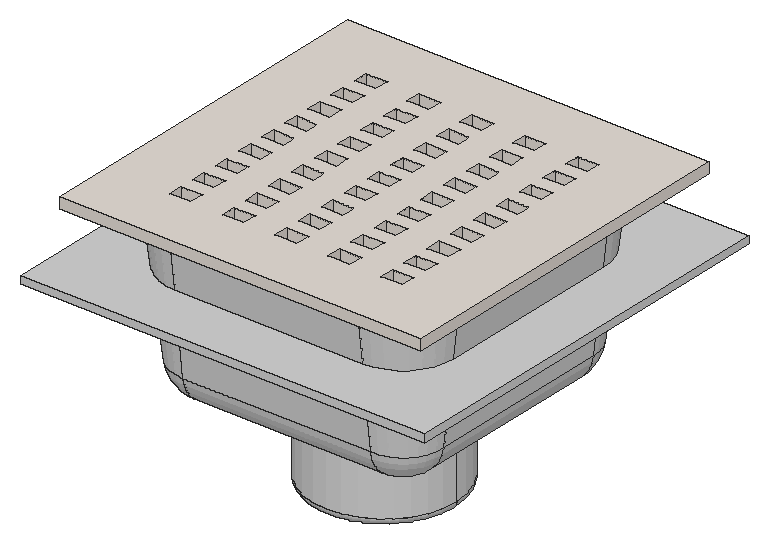
Revit family "Drain_Waste-JayR.Smith-Sani-Ceptor-3140-3161_Series", category Plumbing Fixtures, Revit 2018
Family settings
  Round Connector Dimension = Use Diameter
  Part Type = Normal
  OmniClass Number = 23.45.55.21
  OmniClass Title = Drains (Wastes)
  Work Plane-Based = Yes
  Always vertical = No
  Cut with Voids When Loaded = No
  Shared = Yes
  Room Calculation Point = No
Parameters (values of type "3140C02")
  Width = 14"
  Waste Connection = yes
  Vent Connection = no
  Vandal Proof Screws -U = no
  URL = "https://www.jrsmith.com/home"
  Product Page URL = "https://www.jrsmith.com/product.aspx?ProductId=224"
  Product Documentation Link = "https://www.jrsmith.com/uploads/fileLibrary/d3140.pdf"
  Price = "Prices may vary. Please consult Manufacturer Representative for most up-to-date price list."  # constant formula
  Polished Aluminum Dome Bottom Strainer -PDBS = no
  Model = "3140C02"
  Material = "Metal-Jay R. Smith-Cast Iron"
  Manufacturer = "Jay R. Smith"
  Less Flange (Fig. 3155, 3156 with caulk outlet only) = no
  LXH Speedi-Set Extra Heavy 02(50), 03(75) & 04"(100) sizes only = no
  L Speedi-Set Service Weight 02(50), 03(75) & 04"(100) sizes only = no
  HW Connection = no
  Grate Material = Metal-Jay R. Smith-Nickel Bronze
  Flashing Clamp -C = no
  Description = "Sani-Ceptor® Sanitary Acid Resistant Coated Sanitary Floor and Indirect Waste Drains with Medium Receptor, Deep and Extra Deep Receptor and Square Nickel Bronze Top"  # constant formula
  Depth = 6"
  Default Elevation = 0"
  DBS - Dome Bottom Strainer = not([B - Sediment Bucket])  # yes
  Creation Date = "06/28/2021"  # constant formula
  Connection Type = "Caulk Outlet Connection"
  Connection Description = "2\" Waste Outlet Connection"
  CW Connection = no
  Body Material = Metal-Jay R. Smith-Cast Iron
  B - Sediment Bucket = no
  Assembly Code = "D2030300"
  Aluminum Flat Bottom Strainer -FBS = no
  All Galvanized Receptor -G = no
  All Duco Cast Iron Receptor -CI = no
  A (Pipe Size) = 2"
Types (13): name | Model | Depth | DBS - Dome Bottom Strainer | Connection Type | Connection Description | B - Sediment Bucket | A (Pipe Size)
  (no name) | "3140C02" | 6" | yes | "Caulk Outlet Connection" | "2\" Waste Outlet Connection" | no | 2"
  3140C02 | "3140C02" | 6" | yes | "Caulk Outlet Connection" | "2\" Waste Outlet Connection" | no | 2"
  3150C03 | "3150C03" | 8" | yes | "Caulk Outlet Connection" | "3\" Waste Outlet Connection" | no | 3"
  3160C04 | "3160C04" | 10" | yes | "Caulk Outlet Connection" | "4\" Waste Outlet Connection" | no | 4"
  3140Y02 | "3140Y02" | 6" | yes | "No-Hub Outlet Connection" | "2\" Waste Outlet Connection" | no | 2"
  3150Y03 | "3150Y03" | 8" | yes | "No-Hub Outlet Connection" | "3\" Waste Outlet Connection" | no | 3"
  3160Y04 | "3160Y04" | 10" | yes | "No-Hub Outlet Connection" | "4\" Waste Outlet Connection" | no | 4"
  3141C02 | "3141C02" | 6" | no | "Caulk Outlet Connection" | "2\" Waste Outlet Connection" | yes | 2"
  3141Y02 | "3141Y02" | 6" | no | "No-Hub Outlet Connection" | "2\" Waste Outlet Connection" | yes | 2"
  3151C03 | "3151C03" | 8" | no | "Caulk Outlet Connection" | "3\" Waste Outlet Connection" | yes | 3"
  3151Y03 | "3151Y03" | 8" | no | "No-Hub Outlet Connection" | "3\" Waste Outlet Connection" | yes | 3"
  3161C04 | "3161C04" | 10" | no | "Caulk Outlet Connection" | "4\" Waste Outlet Connection" | yes | 4"
  3161Y04 | "3161Y04" | 10" | no | "No-Hub Outlet Connection" | "4\" Waste Outlet Connection" | yes | 4"
Reference planes (in)
  plane 1 "Center (Front/Back)": y = 0
  plane 2: z = 0
  plane 3 "Center (Left/Right)": x = 0
  plane 4: x = -7
  plane 5: x = 7
  plane 6: x = -6.25
  plane 7: x = 6.25
  plane 8: z = 0.375
  plane 9: z = -2
  plane 10: z = -6
  plane 11: z = -9
  plane 12: y = -7
  plane 13: y = 7
  plane 14: y = -6.25
  plane 15: y = 6.25
  plane 16: x = -5.25
  plane 17: x = 5.25
  plane 18: y = 5.25
  plane 19: y = -5.25
  plane 20: x = -2.99151
  plane 21: z = -5.75
  plane 22: z = -2.25
  plane 23: x = -1
  plane 24: x = 1
Forms (in)
  Sweep 1, solid, material "Metal-Jay R. Smith-Cast Iron" <- "Body Material"
    path origin (0, 0, 0) x (1, 0, 0) y (0, 1, 0)
      loop
        arc (-5.25, -3.25) -> (-4.66421, -4.66421) -> (-3.25, -5.25) r 2
        line (-3.25, -5.25) -> (3.25, -5.25)
        arc (3.25, -5.25) -> (4.66421, -4.66421) -> (5.25, -3.25) r 2
        line (5.25, -3.25) -> (5.25, 3.25)
        arc (5.25, 3.25) -> (4.66421, 4.66421) -> (3.25, 5.25) r 2
        line (3.25, 5.25) -> (-3.25, 5.25)
        arc (-3.25, 5.25) -> (-4.66421, 4.66421) -> (-5.25, 3.25) r 2
        line (-5.25, 3.25) -> (-5.25, -3.25)
    profile origin (-5.25, 0, 0) x (-1, 0, 0) y (0, 0, 1)
      loop
        line (0, 0) -> (-0.25658, 0) -> (-0.86645, -4.96705)
        arc (-0.86645, -4.96705) -> (-1.21693, -5.53008) -> (-1.84261, -5.75) r 1
        line (-1.84261, -5.75) -> (-1.87822, -5.75) -> (-1.87822, -6) -> (-1.84261, -6)
        arc (-1.84261, -6) -> (-1.01434, -5.68619) -> (-0.60193, -4.90234) r 1.25
        line (-0.60193, -4.90234) -> (0, 0)
  Revolve 2, solid, material "Metal-Jay R. Smith-Cast Iron" <- "Body Material"
    sketch origin (0, 0, 0) x (1, 0, 0) y (0, 0, 1)
      loop
        line (-2.25292, -9) -> (-1, -9) -> (-1, -8.75) -> (-2.25292, -8.75) -> (-2.25292, -6) -> (-2.99151, -6)
        arc (-2.99151, -6) -> (-2.84841, -6.34548) -> (-2.50292, -6.48858) r 0.48858
        line (-2.50292, -6.48858) -> (-2.50292, -8.75)
        arc (-2.50292, -8.75) -> (-2.4297, -8.92678) -> (-2.25292, -9) r 0.25
      axis (0, -6) -> (0, -9)
    angle from 0 to 360
  Extrusion 3, solid, material "Metal-Jay R. Smith-Cast Iron" <- "Body Material"
    sketch origin (-11.17931, -180, -6) x (-1, 0, 0) y (0, -1, 0)
      loop
        arc (-7.92931, -183.37178) -> (-7.8432, -183.33611) -> (-7.80753, -183.25) r 0.12178
        line (-7.80753, -183.25) -> (-7.80753, -176.75)
        arc (-7.80753, -176.75) -> (-7.8432, -176.66389) -> (-7.92931, -176.62822) r 0.12178
        line (-7.92931, -176.62822) -> (-14.42931, -176.62822)
        arc (-14.42931, -176.62822) -> (-14.51542, -176.66389) -> (-14.55109, -176.75) r 0.12178
        line (-14.55109, -176.75) -> (-14.55109, -183.25)
        arc (-14.55109, -183.25) -> (-14.51542, -183.33611) -> (-14.42931, -183.37178) r 0.12178
        line (-14.42931, -183.37178) -> (-7.92931, -183.37178)
    from 0 to 0.25
  Extrusion 4, solid, material "Metal-Jay R. Smith-Cast Iron" <- "Body Material"
    sketch origin (-9.48, -180, -2.25) x (-1, 0, 0) y (0, -1, 0)
      loop
        line (-2.48, -187) -> (-2.48, -173) -> (-16.48, -173) -> (-16.48, -187) -> (-2.48, -187)
    from 0 to 0.25
  Extrusion 5, solid, material "Metal-Jay R. Smith-Nickel Bronze" <- "Grate Material"
    sketch origin (0, 0, 0) x (1, 0, 0) y (0, 1, 0)
      loop
        line (-6.25, 6.25) -> (-6.25, -6.25) -> (6.25, -6.25) -> (6.25, 6.25) -> (-6.25, 6.25)
      loop
        line (-4.03526, 4.25) -> (-4.03526, 3.75) -> (-3.28526, 3.75) -> (-3.28526, 4.25) -> (-4.03526, 4.25)
      loop
        line (-2.20513, 4.25) -> (-2.20513, 3.75) -> (-1.45513, 3.75) -> (-1.45513, 4.25) -> (-2.20513, 4.25)
      loop
        line (-0.375, 4.25) -> (-0.375, 3.75) -> (0.375, 3.75) -> (0.375, 4.25) -> (-0.375, 4.25)
      loop
        line (2.20513, 4.25) -> (1.45513, 4.25) -> (1.45513, 3.75) -> (2.20513, 3.75) -> (2.20513, 4.25)
      loop
        line (4.03526, 4.25) -> (3.28526, 4.25) -> (3.28526, 3.75) -> (4.03526, 3.75) -> (4.03526, 4.25)
      loop
        line (-4.03526, 3.25) -> (-4.03526, 2.75) -> (-3.28526, 2.75) -> (-3.28526, 3.25) -> (-4.03526, 3.25)
      loop
        line (-2.20513, 3.25) -> (-2.20513, 2.75) -> (-1.45513, 2.75) -> (-1.45513, 3.25) -> (-2.20513, 3.25)
      loop
        line (-0.375, 3.25) -> (-0.375, 2.75) -> (0.375, 2.75) -> (0.375, 3.25) -> (-0.375, 3.25)
      loop
        line (2.20513, 3.25) -> (1.45513, 3.25) -> (1.45513, 2.75) -> (2.20513, 2.75) -> (2.20513, 3.25)
      loop
        line (4.03526, 3.25) -> (3.28526, 3.25) -> (3.28526, 2.75) -> (4.03526, 2.75) -> (4.03526, 3.25)
      loop
        line (-4.03526, 2.25) -> (-4.03526, 1.75) -> (-3.28526, 1.75) -> (-3.28526, 2.25) -> (-4.03526, 2.25)
      loop
        line (-2.20513, 2.25) -> (-2.20513, 1.75) -> (-1.45513, 1.75) -> (-1.45513, 2.25) -> (-2.20513, 2.25)
      loop
        line (-0.375, 2.25) -> (-0.375, 1.75) -> (0.375, 1.75) -> (0.375, 2.25) -> (-0.375, 2.25)
      loop
        line (2.20513, 2.25) -> (1.45513, 2.25) -> (1.45513, 1.75) -> (2.20513, 1.75) -> (2.20513, 2.25)
      loop
        line (4.03526, 2.25) -> (3.28526, 2.25) -> (3.28526, 1.75) -> (4.03526, 1.75) -> (4.03526, 2.25)
      loop
        line (-4.03526, 1.25) -> (-4.03526, 0.75) -> (-3.28526, 0.75) -> (-3.28526, 1.25) -> (-4.03526, 1.25)
      loop
        line (-2.20513, 1.25) -> (-2.20513, 0.75) -> (-1.45513, 0.75) -> (-1.45513, 1.25) -> (-2.20513, 1.25)
      loop
        line (-0.375, 1.25) -> (-0.375, 0.75) -> (0.375, 0.75) -> (0.375, 1.25) -> (-0.375, 1.25)
      loop
        line (2.20513, 1.25) -> (1.45513, 1.25) -> (1.45513, 0.75) -> (2.20513, 0.75) -> (2.20513, 1.25)
      loop
        line (4.03526, 1.25) -> (3.28526, 1.25) -> (3.28526, 0.75) -> (4.03526, 0.75) -> (4.03526, 1.25)
      loop
        line (-4.03526, 0.25) -> (-4.03526, -0.25) -> (-3.28526, -0.25) -> (-3.28526, 0.25) -> (-4.03526, 0.25)
      loop
        line (-2.20513, 0.25) -> (-2.20513, -0.25) -> (-1.45513, -0.25) -> (-1.45513, 0.25) -> (-2.20513, 0.25)
      loop
        line (-0.375, 0.25) -> (-0.375, -0.25) -> (0.375, -0.25) -> (0.375, 0.25) -> (-0.375, 0.25)
      loop
        line (2.20513, 0.25) -> (1.45513, 0.25) -> (1.45513, -0.25) -> (2.20513, -0.25) -> (2.20513, 0.25)
      loop
        line (4.03526, 0.25) -> (3.28526, 0.25) -> (3.28526, -0.25) -> (4.03526, -0.25) -> (4.03526, 0.25)
      loop
        line (-4.03526, -0.75) -> (-4.03526, -1.25) -> (-3.28526, -1.25) -> (-3.28526, -0.75) -> (-4.03526, -0.75)
      loop
        line (-2.20513, -0.75) -> (-2.20513, -1.25) -> (-1.45513, -1.25) -> (-1.45513, -0.75) -> (-2.20513, -0.75)
      loop
        line (-0.375, -0.75) -> (-0.375, -1.25) -> (0.375, -1.25) -> (0.375, -0.75) -> (-0.375, -0.75)
      loop
        line (2.20513, -0.75) -> (1.45513, -0.75) -> (1.45513, -1.25) -> (2.20513, -1.25) -> (2.20513, -0.75)
      loop
        line (4.03526, -0.75) -> (3.28526, -0.75) -> (3.28526, -1.25) -> (4.03526, -1.25) -> (4.03526, -0.75)
      loop
        line (-4.03526, -1.75) -> (-4.03526, -2.25) -> (-3.28526, -2.25) -> (-3.28526, -1.75) -> (-4.03526, -1.75)
      loop
        line (-2.20513, -1.75) -> (-2.20513, -2.25) -> (-1.45513, -2.25) -> (-1.45513, -1.75) -> (-2.20513, -1.75)
      loop
        line (-0.375, -1.75) -> (-0.375, -2.25) -> (0.375, -2.25) -> (0.375, -1.75) -> (-0.375, -1.75)
      loop
        line (2.20513, -1.75) -> (1.45513, -1.75) -> (1.45513, -2.25) -> (2.20513, -2.25) -> (2.20513, -1.75)
      loop
        line (4.03526, -1.75) -> (3.28526, -1.75) -> (3.28526, -2.25) -> (4.03526, -2.25) -> (4.03526, -1.75)
      loop
        line (-4.03526, -2.75) -> (-4.03526, -3.25) -> (-3.28526, -3.25) -> (-3.28526, -2.75) -> (-4.03526, -2.75)
      loop
        line (-2.20513, -2.75) -> (-2.20513, -3.25) -> (-1.45513, -3.25) -> (-1.45513, -2.75) -> (-2.20513, -2.75)
      loop
        line (-0.375, -2.75) -> (-0.375, -3.25) -> (0.375, -3.25) -> (0.375, -2.75) -> (-0.375, -2.75)
      loop
        line (2.20513, -2.75) -> (1.45513, -2.75) -> (1.45513, -3.25) -> (2.20513, -3.25) -> (2.20513, -2.75)
      loop
        line (4.03526, -2.75) -> (3.28526, -2.75) -> (3.28526, -3.25) -> (4.03526, -3.25) -> (4.03526, -2.75)
      loop
        line (-4.03526, -3.75) -> (-4.03526, -4.25) -> (-3.28526, -4.25) -> (-3.28526, -3.75) -> (-4.03526, -3.75)
      loop
        line (-2.20513, -3.75) -> (-2.20513, -4.25) -> (-1.45513, -4.25) -> (-1.45513, -3.75) -> (-2.20513, -3.75)
      loop
        line (-0.375, -3.75) -> (-0.375, -4.25) -> (0.375, -4.25) -> (0.375, -3.75) -> (-0.375, -3.75)
      loop
        line (2.20513, -3.75) -> (1.45513, -3.75) -> (1.45513, -4.25) -> (2.20513, -4.25) -> (2.20513, -3.75)
      loop
        line (4.03526, -3.75) -> (3.28526, -3.75) -> (3.28526, -4.25) -> (4.03526, -4.25) -> (4.03526, -3.75)
    from 0 to 0.375
Cuts and joins
  joined: Sweep 1, Revolve 2, Extrusion 4
Lines and regions (in)
  Masking region 1
    outline origin (0, 0, 0) x (1, 0, 0) y (0, 1, 0)
      loop
        line (7, 7) -> (-7, 7) -> (-7, -7) -> (7, -7) -> (7, 7)
  symbolic lines, detail levels medium+fine
    curve 1: line (6.25, 6.25, 0) -> (-6.25, 6.25, 0)
    curve 2: line (-6.25, 6.25, 0) -> (-6.25, -6.25, 0)
    curve 3: line (-6.25, -6.25, 0) -> (6.25, -6.25, 0)
    curve 4: line (6.25, -6.25, 0) -> (6.25, 6.25, 0)
  symbolic lines, detail levels fine
    curve 5: line (-4.03526, 4.25, 0) -> (-3.28526, 4.25, 0)
    curve 6: line (-3.28526, 3.75, 0) -> (-4.03526, 3.75, 0)
    curve 7: line (-3.28526, 4.25, 0) -> (-3.28526, 3.75, 0)
    curve 8: line (-4.03526, 3.75, 0) -> (-4.03526, 4.25, 0)
    curve 9: line (-2.20513, 4.25, 0) -> (-1.45513, 4.25, 0)
    curve 10: line (-2.20513, 3.75, 0) -> (-2.20513, 4.25, 0)
    curve 11: line (-1.45513, 3.75, 0) -> (-2.20513, 3.75, 0)
    curve 12: line (-1.45513, 4.25, 0) -> (-1.45513, 3.75, 0)
    curve 13: line (-0.375, 4.25, 0) -> (0.375, 4.25, 0)
    curve 14: line (-0.375, 3.75, 0) -> (-0.375, 4.25, 0)
    curve 15: line (0.375, 3.75, 0) -> (-0.375, 3.75, 0)
    curve 16: line (0.375, 4.25, 0) -> (0.375, 3.75, 0)
    curve 17: line (1.45513, 4.25, 0) -> (2.20513, 4.25, 0)
    curve 18: line (1.45513, 3.75, 0) -> (1.45513, 4.25, 0)
    curve 19: line (2.20513, 3.75, 0) -> (1.45513, 3.75, 0)
    curve 20: line (2.20513, 4.25, 0) -> (2.20513, 3.75, 0)
    curve 21: line (3.28526, 4.25, 0) -> (4.03526, 4.25, 0)
    curve 22: line (3.28526, 3.75, 0) -> (3.28526, 4.25, 0)
    curve 23: line (4.03526, 3.75, 0) -> (3.28526, 3.75, 0)
    curve 24: line (4.03526, 4.25, 0) -> (4.03526, 3.75, 0)
    curve 25: line (-4.03526, 3.25, 0) -> (-3.28526, 3.25, 0)
    curve 26: line (-3.28526, 2.75, 0) -> (-4.03526, 2.75, 0)
    curve 27: line (-4.03526, 2.25, 0) -> (-3.28526, 2.25, 0)
    curve 28: line (-3.28526, 1.75, 0) -> (-4.03526, 1.75, 0)
    curve 29: line (-4.03526, 1.25, 0) -> (-3.28526, 1.25, 0)
    curve 30: line (-3.28526, 0.75, 0) -> (-4.03526, 0.75, 0)
    curve 31: line (-4.03526, 0.25, 0) -> (-3.28526, 0.25, 0)
    curve 32: line (-3.28526, -0.25, 0) -> (-4.03526, -0.25, 0)
    curve 33: line (-4.03526, -0.75, 0) -> (-3.28526, -0.75, 0)
    curve 34: line (-3.28526, -1.25, 0) -> (-4.03526, -1.25, 0)
    curve 35: line (-4.03526, -1.75, 0) -> (-3.28526, -1.75, 0)
    curve 36: line (-3.28526, -2.25, 0) -> (-4.03526, -2.25, 0)
    curve 37: line (-4.03526, -2.75, 0) -> (-3.28526, -2.75, 0)
    curve 38: line (-3.28526, -3.25, 0) -> (-4.03526, -3.25, 0)
    curve 39: line (-4.03526, -3.75, 0) -> (-3.28526, -3.75, 0)
    curve 40: line (-3.28526, -4.25, 0) -> (-4.03526, -4.25, 0)
    curve 41: line (-4.03526, -4.25, 0) -> (-4.03526, -3.75, 0)
    curve 42: line (-3.28526, -3.75, 0) -> (-3.28526, -4.25, 0)
    curve 43: line (-4.03526, -3.25, 0) -> (-4.03526, -2.75, 0)
    curve 44: line (-3.28526, -2.75, 0) -> (-3.28526, -3.25, 0)
    curve 45: line (-4.03526, -2.25, 0) -> (-4.03526, -1.75, 0)
    curve 46: line (-3.28526, -1.75, 0) -> (-3.28526, -2.25, 0)
    curve 47: line (-4.03526, -1.25, 0) -> (-4.03526, -0.75, 0)
    curve 48: line (-3.28526, -0.75, 0) -> (-3.28526, -1.25, 0)
    curve 49: line (-4.03526, -0.25, 0) -> (-4.03526, 0.25, 0)
    curve 50: line (-3.28526, 0.25, 0) -> (-3.28526, -0.25, 0)
    curve 51: line (-4.03526, 0.75, 0) -> (-4.03526, 1.25, 0)
    curve 52: line (-3.28526, 1.25, 0) -> (-3.28526, 0.75, 0)
    curve 53: line (-4.03526, 1.75, 0) -> (-4.03526, 2.25, 0)
    curve 54: line (-3.28526, 2.25, 0) -> (-3.28526, 1.75, 0)
    curve 55: line (-4.03526, 2.75, 0) -> (-4.03526, 3.25, 0)
    curve 56: line (-3.28526, 3.25, 0) -> (-3.28526, 2.75, 0)
    curve 57: line (-2.20513, 2.75, 0) -> (-2.20513, 3.25, 0)
    curve 58: line (-1.45513, 3.25, 0) -> (-1.45513, 2.75, 0)
    curve 59: line (-0.375, 2.75, 0) -> (-0.375, 3.25, 0)
    curve 60: line (0.375, 3.25, 0) -> (0.375, 2.75, 0)
    curve 61: line (1.45513, 2.75, 0) -> (1.45513, 3.25, 0)
    curve 62: line (2.20513, 3.25, 0) -> (2.20513, 2.75, 0)
    curve 63: line (3.28526, 2.75, 0) -> (3.28526, 3.25, 0)
    curve 64: line (4.03526, 3.25, 0) -> (4.03526, 2.75, 0)
    curve 65: line (-2.20513, 3.25, 0) -> (-1.45513, 3.25, 0)
    curve 66: line (-1.45513, 2.75, 0) -> (-2.20513, 2.75, 0)
    curve 67: line (-0.375, 3.25, 0) -> (0.375, 3.25, 0)
    curve 68: line (0.375, 2.75, 0) -> (-0.375, 2.75, 0)
    curve 69: line (1.45513, 3.25, 0) -> (2.20513, 3.25, 0)
    curve 70: line (2.20513, 2.75, 0) -> (1.45513, 2.75, 0)
    curve 71: line (3.28526, 3.25, 0) -> (4.03526, 3.25, 0)
    curve 72: line (4.03526, 2.75, 0) -> (3.28526, 2.75, 0)
    curve 73: line (-2.20513, 2.25, 0) -> (-1.45513, 2.25, 0)
    curve 74: line (-2.20513, 1.75, 0) -> (-2.20513, 2.25, 0)
    curve 75: line (-1.45513, 1.75, 0) -> (-2.20513, 1.75, 0)
    curve 76: line (-1.45513, 2.25, 0) -> (-1.45513, 1.75, 0)
    curve 77: line (-0.375, 2.25, 0) -> (0.375, 2.25, 0)
    curve 78: line (-0.375, 1.75, 0) -> (-0.375, 2.25, 0)
    curve 79: line (0.375, 1.75, 0) -> (-0.375, 1.75, 0)
    curve 80: line (0.375, 2.25, 0) -> (0.375, 1.75, 0)
    curve 81: line (1.45513, 2.25, 0) -> (2.20513, 2.25, 0)
    curve 82: line (1.45513, 1.75, 0) -> (1.45513, 2.25, 0)
    curve 83: line (2.20513, 1.75, 0) -> (1.45513, 1.75, 0)
    curve 84: line (2.20513, 2.25, 0) -> (2.20513, 1.75, 0)
    curve 85: line (3.28526, 2.25, 0) -> (4.03526, 2.25, 0)
    curve 86: line (3.28526, 1.75, 0) -> (3.28526, 2.25, 0)
    curve 87: line (4.03526, 1.75, 0) -> (3.28526, 1.75, 0)
    curve 88: line (4.03526, 2.25, 0) -> (4.03526, 1.75, 0)
    curve 89: line (-2.20513, 1.25, 0) -> (-1.45513, 1.25, 0)
    curve 90: line (-2.20513, 0.75, 0) -> (-2.20513, 1.25, 0)
    curve 91: line (-1.45513, 0.75, 0) -> (-2.20513, 0.75, 0)
    curve 92: line (-1.45513, 1.25, 0) -> (-1.45513, 0.75, 0)
    curve 93: line (-0.375, 1.25, 0) -> (0.375, 1.25, 0)
    curve 94: line (-0.375, 0.75, 0) -> (-0.375, 1.25, 0)
    curve 95: line (0.375, 0.75, 0) -> (-0.375, 0.75, 0)
    curve 96: line (0.375, 1.25, 0) -> (0.375, 0.75, 0)
    curve 97: line (1.45513, 1.25, 0) -> (2.20513, 1.25, 0)
    curve 98: line (1.45513, 0.75, 0) -> (1.45513, 1.25, 0)
    curve 99: line (2.20513, 0.75, 0) -> (1.45513, 0.75, 0)
    curve 100: line (2.20513, 1.25, 0) -> (2.20513, 0.75, 0)
    curve 101: line (3.28526, 1.25, 0) -> (4.03526, 1.25, 0)
    curve 102: line (3.28526, 0.75, 0) -> (3.28526, 1.25, 0)
    curve 103: line (4.03526, 0.75, 0) -> (3.28526, 0.75, 0)
    curve 104: line (4.03526, 1.25, 0) -> (4.03526, 0.75, 0)
    curve 105: line (-2.20513, 0.25, 0) -> (-1.45513, 0.25, 0)
    curve 106: line (-2.20513, -0.25, 0) -> (-2.20513, 0.25, 0)
    curve 107: line (-1.45513, -0.25, 0) -> (-2.20513, -0.25, 0)
    curve 108: line (-1.45513, 0.25, 0) -> (-1.45513, -0.25, 0)
    curve 109: line (-0.375, 0.25, 0) -> (0.375, 0.25, 0)
    curve 110: line (-0.375, -0.25, 0) -> (-0.375, 0.25, 0)
    curve 111: line (0.375, -0.25, 0) -> (-0.375, -0.25, 0)
    curve 112: line (0.375, 0.25, 0) -> (0.375, -0.25, 0)
    curve 113: line (1.45513, 0.25, 0) -> (2.20513, 0.25, 0)
    curve 114: line (1.45513, -0.25, 0) -> (1.45513, 0.25, 0)
    curve 115: line (2.20513, -0.25, 0) -> (1.45513, -0.25, 0)
    curve 116: line (2.20513, 0.25, 0) -> (2.20513, -0.25, 0)
    curve 117: line (3.28526, 0.25, 0) -> (4.03526, 0.25, 0)
    curve 118: line (3.28526, -0.25, 0) -> (3.28526, 0.25, 0)
    curve 119: line (4.03526, -0.25, 0) -> (3.28526, -0.25, 0)
    curve 120: line (4.03526, 0.25, 0) -> (4.03526, -0.25, 0)
    curve 121: line (-2.20513, -0.75, 0) -> (-1.45513, -0.75, 0)
    curve 122: line (-1.45513, -1.25, 0) -> (-2.20513, -1.25, 0)
    curve 123: line (-2.20513, -1.75, 0) -> (-1.45513, -1.75, 0)
    curve 124: line (-1.45513, -2.25, 0) -> (-2.20513, -2.25, 0)
    curve 125: line (0.375, -2.25, 0) -> (-0.375, -2.25, 0)
    curve 126: line (-0.375, -1.75, 0) -> (0.375, -1.75, 0)
    curve 127: line (0.375, -1.25, 0) -> (-0.375, -1.25, 0)
    curve 128: line (-0.375, -0.75, 0) -> (0.375, -0.75, 0)
    curve 129: line (1.45513, -0.75, 0) -> (2.20513, -0.75, 0)
    curve 130: line (2.20513, -1.25, 0) -> (1.45513, -1.25, 0)
    curve 131: line (1.45513, -1.75, 0) -> (2.20513, -1.75, 0)
    curve 132: line (2.20513, -2.25, 0) -> (1.45513, -2.25, 0)
    curve 133: line (4.03526, -2.25, 0) -> (3.28526, -2.25, 0)
    curve 134: line (3.28526, -1.75, 0) -> (4.03526, -1.75, 0)
    curve 135: line (4.03526, -1.25, 0) -> (3.28526, -1.25, 0)
    curve 136: line (3.28526, -0.75, 0) -> (4.03526, -0.75, 0)
    curve 137: line (4.03526, -0.75, 0) -> (4.03526, -1.25, 0)
    curve 138: line (3.28526, -1.25, 0) -> (3.28526, -0.75, 0)
    curve 139: line (2.20513, -0.75, 0) -> (2.20513, -1.25, 0)
    curve 140: line (1.45513, -1.25, 0) -> (1.45513, -0.75, 0)
    curve 141: line (0.375, -0.75, 0) -> (0.375, -1.25, 0)
    curve 142: line (-0.375, -1.25, 0) -> (-0.375, -0.75, 0)
    curve 143: line (-1.45513, -0.75, 0) -> (-1.45513, -1.25, 0)
    curve 144: line (-2.20513, -1.25, 0) -> (-2.20513, -0.75, 0)
    curve 145: line (-2.20513, -2.25, 0) -> (-2.20513, -1.75, 0)
    curve 146: line (-1.45513, -1.75, 0) -> (-1.45513, -2.25, 0)
    curve 147: line (-0.375, -2.25, 0) -> (-0.375, -1.75, 0)
    curve 148: line (0.375, -1.75, 0) -> (0.375, -2.25, 0)
    curve 149: line (1.45513, -2.25, 0) -> (1.45513, -1.75, 0)
    curve 150: line (2.20513, -1.75, 0) -> (2.20513, -2.25, 0)
    curve 151: line (3.28526, -2.25, 0) -> (3.28526, -1.75, 0)
    curve 152: line (4.03526, -1.75, 0) -> (4.03526, -2.25, 0)
    curve 153: line (-2.20513, -2.75, 0) -> (-1.45513, -2.75, 0)
    curve 154: line (-1.45513, -3.25, 0) -> (-2.20513, -3.25, 0)
    curve 155: line (-2.20513, -3.75, 0) -> (-1.45513, -3.75, 0)
    curve 156: line (-1.45513, -4.25, 0) -> (-2.20513, -4.25, 0)
    curve 157: line (0.375, -4.25, 0) -> (-0.375, -4.25, 0)
    curve 158: line (-0.375, -3.75, 0) -> (0.375, -3.75, 0)
    curve 159: line (0.375, -3.25, 0) -> (-0.375, -3.25, 0)
    curve 160: line (-0.375, -2.75, 0) -> (0.375, -2.75, 0)
    curve 161: line (1.45513, -2.75, 0) -> (2.20513, -2.75, 0)
    curve 162: line (2.20513, -3.25, 0) -> (1.45513, -3.25, 0)
    curve 163: line (1.45513, -3.75, 0) -> (2.20513, -3.75, 0)
    curve 164: line (2.20513, -4.25, 0) -> (1.45513, -4.25, 0)
    curve 165: line (4.03526, -4.25, 0) -> (3.28526, -4.25, 0)
    curve 166: line (3.28526, -3.75, 0) -> (4.03526, -3.75, 0)
    curve 167: line (4.03526, -3.25, 0) -> (3.28526, -3.25, 0)
    curve 168: line (3.28526, -2.75, 0) -> (4.03526, -2.75, 0)
    curve 169: line (4.03526, -2.75, 0) -> (4.03526, -3.25, 0)
    curve 170: line (3.28526, -3.25, 0) -> (3.28526, -2.75, 0)
    curve 171: line (4.03526, -3.75, 0) -> (4.03526, -4.25, 0)
    curve 172: line (3.28526, -4.25, 0) -> (3.28526, -3.75, 0)
    curve 173: line (2.20513, -3.75, 0) -> (2.20513, -4.25, 0)
    curve 174: line (1.45513, -4.25, 0) -> (1.45513, -3.75, 0)
    curve 175: line (1.45513, -3.25, 0) -> (1.45513, -2.75, 0)
    curve 176: line (2.20513, -2.75, 0) -> (2.20513, -3.25, 0)
    curve 177: line (0.375, -2.75, 0) -> (0.375, -3.25, 0)
    curve 178: line (-0.375, -3.25, 0) -> (-0.375, -2.75, 0)
    curve 179: line (-0.375, -4.25, 0) -> (-0.375, -3.75, 0)
    curve 180: line (0.375, -3.75, 0) -> (0.375, -4.25, 0)
    curve 181: line (-1.45513, -3.75, 0) -> (-1.45513, -4.25, 0)
    curve 182: line (-2.20513, -4.25, 0) -> (-2.20513, -3.75, 0)
    curve 183: line (-2.20513, -3.25, 0) -> (-2.20513, -2.75, 0)
    curve 184: line (-1.45513, -2.75, 0) -> (-1.45513, -3.25, 0)
Dimensions and locks (in)
  equal spacing: plane 5, plane 3 "Center (Left/Right)", plane 4
  "Width": plane 5 to plane 4
  plane 7 to plane 6 = 12 1/2"
  equal spacing: plane 7, plane 3 "Center (Left/Right)", plane 6
  plane 8 to level = 3/8"
  level to plane 9 = 2"
  "Depth": level to plane 10
  plane 10 to plane 11 = 3"
  plane 4 to plane 5 = 14"
  plane 6 to plane 7 = 12 1/2"
  plane 21 to plane 10 = 1/4"
  plane 9 to plane 22 = 1/4"
  equal spacing: plane 24, plane 3 "Center (Left/Right)", plane 23
  "A (Pipe Size)": plane 24 to plane 23
  aligned and locked: plane 16 to Sweep 1 sketch curve
  aligned and locked: plane 19 to Sweep 1 sketch curve
  aligned and locked: plane 17 to Sweep 1 sketch curve
  aligned and locked: Sweep 1 sketch curve to plane 18
  aligned and locked: Sweep 1 sketch curve to level
  aligned and locked: plane 10 to Sweep 1 sketch curve
  aligned and locked: Revolve 2 sketch curve to plane 11
  aligned and locked: plane 10 to Revolve 2 sketch curve
  aligned and locked: Revolve 2 sketch curve to plane 3 "Center (Left/Right)"
  aligned and locked: Extrusion 3 sketch curve to Sweep 1  (x4)
  aligned and locked: Sweep 1 to Extrusion 3
  aligned and locked: Extrusion 3 to plane 10
  aligned and locked: plane 13 to Extrusion 4 sketch curve
  aligned and locked: plane 4 to Extrusion 4 sketch curve
  aligned and locked: plane 12 to Extrusion 4 sketch curve
  aligned and locked: plane 5 to Extrusion 4 sketch curve
  aligned and locked: plane 15 to Extrusion 5 sketch curve
  aligned and locked: plane 6 to Extrusion 5 sketch curve
  aligned and locked: plane 14 to Extrusion 5 sketch curve
  aligned and locked: plane 7 to Extrusion 5 sketch curve
  aligned and locked: plane 8 to Extrusion 5
  aligned and locked: Extrusion 5 to level
  aligned and locked: plane 23 to Revolve 2 sketch curve
  aligned and locked: Masking region 1 sketch curve to Extrusion 4  (x4)
  aligned and locked: curve 1 to Extrusion 5
  aligned and locked: curve 2 to Extrusion 5
  aligned and locked: curve 3 to Extrusion 5
  aligned and locked: curve 4 to Extrusion 5
  aligned and locked: curve 5 to Extrusion 5
  aligned and locked: curve 6 to Extrusion 5
  aligned and locked: curve 7 to Extrusion 5
  aligned and locked: curve 8 to Extrusion 5
  aligned and locked: curve 9 to Extrusion 5
  aligned and locked: curve 10 to Extrusion 5
  aligned and locked: curve 11 to Extrusion 5
  aligned and locked: curve 12 to Extrusion 5
  aligned and locked: curve 13 to Extrusion 5
  aligned and locked: curve 14 to Extrusion 5
  aligned and locked: curve 15 to Extrusion 5
  aligned and locked: curve 16 to Extrusion 5
  aligned and locked: curve 17 to Extrusion 5
  aligned and locked: curve 18 to Extrusion 5
  aligned and locked: curve 19 to Extrusion 5
  aligned and locked: curve 20 to Extrusion 5
  aligned and locked: curve 21 to Extrusion 5
  aligned and locked: curve 22 to Extrusion 5
  aligned and locked: curve 23 to Extrusion 5
  aligned and locked: curve 24 to Extrusion 5
  aligned and locked: curve 25 to Extrusion 5
  aligned and locked: curve 26 to Extrusion 5
  aligned and locked: curve 27 to Extrusion 5
  aligned and locked: curve 28 to Extrusion 5
  aligned and locked: curve 29 to Extrusion 5
  aligned and locked: curve 30 to Extrusion 5
  aligned and locked: curve 31 to Extrusion 5
  aligned and locked: curve 32 to Extrusion 5
  aligned and locked: curve 33 to Extrusion 5
  aligned and locked: curve 34 to Extrusion 5
  aligned and locked: curve 35 to Extrusion 5
  aligned and locked: curve 36 to Extrusion 5
  aligned and locked: curve 37 to Extrusion 5
  aligned and locked: curve 38 to Extrusion 5
  aligned and locked: curve 39 to Extrusion 5
  aligned and locked: curve 40 to Extrusion 5
  aligned and locked: curve 41 to Extrusion 5
  aligned and locked: curve 42 to Extrusion 5
  aligned and locked: curve 43 to Extrusion 5
  aligned and locked: curve 44 to Extrusion 5
  aligned and locked: curve 45 to Extrusion 5
  aligned and locked: curve 46 to Extrusion 5
  aligned and locked: curve 47 to Extrusion 5
  aligned and locked: curve 48 to Extrusion 5
  aligned and locked: curve 49 to Extrusion 5
  aligned and locked: curve 50 to Extrusion 5
  aligned and locked: curve 51 to Extrusion 5
  aligned and locked: curve 52 to Extrusion 5
  aligned and locked: curve 53 to Extrusion 5
  aligned and locked: curve 54 to Extrusion 5
  aligned and locked: curve 55 to Extrusion 5
  aligned and locked: curve 56 to Extrusion 5
  aligned and locked: curve 57 to Extrusion 5
  aligned and locked: curve 58 to Extrusion 5
  aligned and locked: curve 59 to Extrusion 5
  aligned and locked: curve 60 to Extrusion 5
  aligned and locked: curve 61 to Extrusion 5
  aligned and locked: curve 62 to Extrusion 5
  aligned and locked: curve 63 to Extrusion 5
  aligned and locked: curve 64 to Extrusion 5
  aligned and locked: curve 65 to Extrusion 5
  aligned and locked: curve 66 to Extrusion 5
  aligned and locked: curve 67 to Extrusion 5
  aligned and locked: curve 68 to Extrusion 5
  aligned and locked: curve 69 to Extrusion 5
  aligned and locked: curve 70 to Extrusion 5
  aligned and locked: curve 71 to Extrusion 5
  aligned and locked: curve 72 to Extrusion 5
  aligned and locked: curve 73 to Extrusion 5
  aligned and locked: curve 74 to Extrusion 5
  aligned and locked: curve 75 to Extrusion 5
  aligned and locked: curve 76 to Extrusion 5
  aligned and locked: curve 77 to Extrusion 5
  aligned and locked: curve 78 to Extrusion 5
  aligned and locked: curve 79 to Extrusion 5
  aligned and locked: curve 80 to Extrusion 5
  aligned and locked: curve 81 to Extrusion 5
  aligned and locked: curve 82 to Extrusion 5
  aligned and locked: curve 83 to Extrusion 5
  aligned and locked: curve 84 to Extrusion 5
  aligned and locked: curve 85 to Extrusion 5
  aligned and locked: curve 86 to Extrusion 5
  aligned and locked: curve 87 to Extrusion 5
  aligned and locked: curve 88 to Extrusion 5
  aligned and locked: curve 89 to Extrusion 5
  aligned and locked: curve 90 to Extrusion 5
  aligned and locked: curve 91 to Extrusion 5
  aligned and locked: curve 92 to Extrusion 5
  aligned and locked: curve 93 to Extrusion 5
  aligned and locked: curve 94 to Extrusion 5
  aligned and locked: curve 95 to Extrusion 5
  aligned and locked: curve 96 to Extrusion 5
  aligned and locked: curve 97 to Extrusion 5
  aligned and locked: curve 98 to Extrusion 5
  aligned and locked: curve 99 to Extrusion 5
  aligned and locked: curve 100 to Extrusion 5
  aligned and locked: curve 101 to Extrusion 5
  aligned and locked: curve 102 to Extrusion 5
  aligned and locked: curve 103 to Extrusion 5
  aligned and locked: curve 104 to Extrusion 5
  aligned and locked: curve 105 to Extrusion 5
  aligned and locked: curve 106 to Extrusion 5
  aligned and locked: curve 107 to Extrusion 5
  aligned and locked: curve 108 to Extrusion 5
  aligned and locked: curve 109 to Extrusion 5
  aligned and locked: curve 110 to Extrusion 5
  aligned and locked: curve 111 to Extrusion 5
  aligned and locked: curve 112 to Extrusion 5
  aligned and locked: curve 113 to Extrusion 5
  aligned and locked: curve 114 to Extrusion 5
  aligned and locked: curve 115 to Extrusion 5
  aligned and locked: curve 116 to Extrusion 5
  aligned and locked: curve 117 to Extrusion 5
  aligned and locked: curve 118 to Extrusion 5
  aligned and locked: curve 119 to Extrusion 5
  aligned and locked: curve 120 to Extrusion 5
  aligned and locked: curve 121 to Extrusion 5
  aligned and locked: curve 122 to Extrusion 5
  aligned and locked: curve 123 to Extrusion 5
  aligned and locked: curve 124 to Extrusion 5
  aligned and locked: curve 125 to Extrusion 5
  aligned and locked: curve 126 to Extrusion 5
  aligned and locked: curve 127 to Extrusion 5
  aligned and locked: curve 128 to Extrusion 5
  aligned and locked: curve 129 to Extrusion 5
  aligned and locked: curve 130 to Extrusion 5
  aligned and locked: curve 131 to Extrusion 5
  aligned and locked: curve 132 to Extrusion 5
  aligned and locked: curve 133 to Extrusion 5
  aligned and locked: curve 134 to Extrusion 5
  aligned and locked: curve 135 to Extrusion 5
  aligned and locked: curve 136 to Extrusion 5
  aligned and locked: curve 137 to Extrusion 5
  aligned and locked: curve 138 to Extrusion 5
  aligned and locked: curve 139 to Extrusion 5
  aligned and locked: curve 140 to Extrusion 5
  aligned and locked: curve 141 to Extrusion 5
  aligned and locked: curve 142 to Extrusion 5
  aligned and locked: curve 143 to Extrusion 5
  aligned and locked: curve 144 to Extrusion 5
  aligned and locked: curve 145 to Extrusion 5
  aligned and locked: curve 146 to Extrusion 5
  aligned and locked: curve 147 to Extrusion 5
  aligned and locked: curve 148 to Extrusion 5
  aligned and locked: curve 149 to Extrusion 5
  aligned and locked: curve 150 to Extrusion 5
  aligned and locked: curve 151 to Extrusion 5
  aligned and locked: curve 152 to Extrusion 5
  aligned and locked: curve 153 to Extrusion 5
  aligned and locked: curve 154 to Extrusion 5
  aligned and locked: curve 155 to Extrusion 5
  aligned and locked: curve 156 to Extrusion 5
  aligned and locked: curve 157 to Extrusion 5
  aligned and locked: curve 158 to Extrusion 5
  aligned and locked: curve 159 to Extrusion 5
  aligned and locked: curve 160 to Extrusion 5
  aligned and locked: curve 161 to Extrusion 5
  aligned and locked: curve 162 to Extrusion 5
  aligned and locked: curve 163 to Extrusion 5
  aligned and locked: curve 164 to Extrusion 5
  aligned and locked: curve 165 to Extrusion 5
  aligned and locked: curve 166 to Extrusion 5
  aligned and locked: curve 167 to Extrusion 5
  aligned and locked: curve 168 to Extrusion 5
  aligned and locked: curve 169 to Extrusion 5
  aligned and locked: curve 170 to Extrusion 5
  aligned and locked: curve 171 to Extrusion 5
  aligned and locked: curve 172 to Extrusion 5
  aligned and locked: curve 173 to Extrusion 5
  aligned and locked: curve 174 to Extrusion 5
  aligned and locked: curve 175 to Extrusion 5
  aligned and locked: curve 176 to Extrusion 5
  aligned and locked: curve 177 to Extrusion 5
  aligned and locked: curve 178 to Extrusion 5
  aligned and locked: curve 179 to Extrusion 5
  aligned and locked: curve 180 to Extrusion 5
  aligned and locked: curve 181 to Extrusion 5
  aligned and locked: curve 182 to Extrusion 5
  aligned and locked: curve 183 to Extrusion 5
  aligned and locked: curve 184 to Extrusion 5
Automatic sketch dimensions
  plane 20 to Extrusion 5 sketch curve = 1.04375"  (x4)
  plane 1 "Center (Front/Back)" to Extrusion 5 sketch curve = 1/4"  (x5)
  Extrusion 5 sketch curve to Extrusion 5 sketch curve = 0"  (x30)
  plane 20 to Extrusion 5 sketch curve = 0.29375"  (x9)
  Extrusion 5 sketch curve to plane 20 = 0.78638"  (x5)
  Extrusion 5 sketch curve to plane 1 "Center (Front/Back)" = 1/4"  (x5)
  Extrusion 5 sketch curve to plane 3 "Center (Left/Right)" = 3/8"  (x9)
  plane 3 "Center (Left/Right)" to Extrusion 5 sketch curve = 3/8"  (x9)
  Extrusion 5 sketch curve to Extrusion 5 sketch curve = 3/4"  (x16)
  Extrusion 5 sketch curve to Extrusion 5 sketch curve = 1.08013"  (x8)
  plane 19 to Extrusion 5 sketch curve = 1"  (x5)
  Extrusion 5 sketch curve to Extrusion 5 sketch curve = 1/2"  (x75)
  plane 17 to Sweep 1 sketch curve = 2"  (x2)
  plane 20 to Sweep 1 sketch curve = 0.25849"  (x2)
  Sweep 1 sketch curve to Sweep 1 sketch curve = 0"  (x2)
  Sweep 1 sketch curve to profile plane = 0"
  profile plane to Sweep 1 sketch curve = 0.25658"
  profile plane to Sweep 1 sketch curve = 0.60193"
  Sweep 1 sketch curve to Sweep 1 sketch curve = 0.26452"
  Sweep 1 sketch curve to Sweep 1 sketch curve = 0.97616"
  Sweep 1 sketch curve to Sweep 1 sketch curve = 0.03561"
  Sweep 1 sketch curve to Sweep 1 sketch curve = 1/4"
  Sweep 1 sketch curve to Sweep 1 sketch curve = 0.78295"
  plane 20 to Revolve 2 sketch curve = 0"
  Revolve 2 sketch curve to plane 20 = 0.48858"
  Revolve 2 sketch curve to Revolve 2 sketch curve = 1/4"  (x2)
  Revolve 2 sketch curve to Revolve 2 sketch curve = 0"
  Revolve 2 sketch curve to plane 11 = 15"
  plane 8 to Revolve 2 sketch curve = 102.34382"
  Extrusion 3 sketch curve to Extrusion 3 sketch curve = 0.12178"  (x4)
Connectors (in)
  piping at (0, 0, -9), diameter 2, driven by "A (Pipe Size)", driven by "Connection Description"
    settings: on Revolve 2, index 1, connector inside diameter 24", connector length 0", flow factor 0, pipe flow 0 GPM, pressure drop 0.00 psi, fitting loss kfactor 0, connector angle 0.00°, fixture units 0, engagement length 0", angle of deflection 0.00°, flow configuration 0, flow direction 2, fitting loss method 0, system type 16, joint type 0, gender type 0, connector reference index -1, connector utility 0, adjustable connector no, is connector primary yes, connector description "2\" Waste Outlet Connection"
